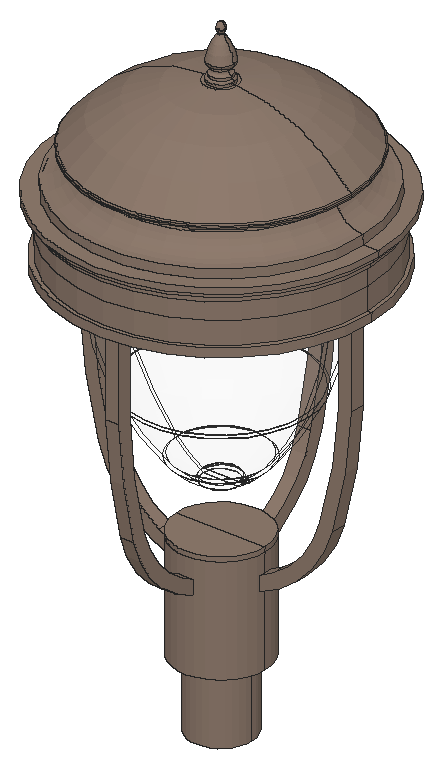
Revit family "LA199-TDL", category Generic Models, Revit 2017
Family settings
  Can host rebar = No
  Round Connector Dimension = Use Diameter
  Part Type = Normal
  Work Plane-Based = No
  Always vertical = Yes
  Cut with Voids When Loaded = No
  Shared = No
  Room Calculation Point = No
Parameters
  TDL = Glass, Frosted
  LUMINARE = Bronze, Architectural
  LA194 = ARCH. BRNZ.
  GLASS = Glass
Reference planes (in)
  plane 1 "Center (Front/Back)": y = 0
  plane 2: z = 0
  plane 3 "Center (Left/Right)": x = 0
Forms (in)
  Revolve 1, solid, material "Bronze, Architectural" <- "LUMINARE"
    sketch origin (0, 0, 0) x (1, 0, 0) y (0, 0, 1)
      loop
        line (-0.71875, 32.97579) -> (0, 32.97579) -> (0, 35.97579)
        arc (0, 35.97579) -> (-0.03988, 35.96797) -> (-0.07384, 35.94566) r 0.10555
        arc (-0.07384, 35.94566) -> (-0.17047, 35.80383) -> (-0.21758, 35.63881) r 0.53875
        arc (-0.21758, 35.63881) -> (-0.22, 35.61056) -> (-0.21695, 35.58237) r 0.14688
        arc (-0.21695, 35.58237) -> (-0.19188, 35.49181) -> (-0.13955, 35.41377) r 0.29443
        arc (-0.13955, 35.41377) -> (-0.12833, 35.38133) -> (-0.13385, 35.34746) r 0.07016
        arc (-0.13385, 35.34746) -> (-0.51685, 34.71219) -> (-0.71772, 33.9981) r 2.7727
        arc (-0.71772, 33.9981) -> (-0.68861, 33.89678) -> (-0.59375, 33.85079) r 0.12932
        line (-0.59375, 33.85079) -> (-0.58786, 33.72579)
        arc (-0.58786, 33.72579) -> (-0.40036, 33.53829) -> (-0.58786, 33.35079) r 0.1875
        line (-0.58786, 33.35079) -> (-0.59375, 33.22579)
        arc (-0.59375, 33.22579) -> (-0.68214, 33.18918) -> (-0.71875, 33.10079) r 0.125
        line (-0.71875, 33.10079) -> (-0.71875, 32.97579)
      axis (0, 35.97579) -> (0, 32.97579)
    angle from 0 to 360
  Revolve 2, solid, material "Bronze, Architectural" <- "LUMINARE"
    sketch origin (0, 0, 0) x (1, 0, 0) y (0, 0, 1)
      loop
        line (-0.15625, 32.97579) -> (-0.90625, 32.97579)
        arc (-0.90625, 32.97579) -> (-4.46264, 32.04561) -> (-7.34084, 29.75888) r 8.90994
        arc (-7.34084, 29.75888) -> (-7.36469, 29.71864) -> (-7.375, 29.67301) r 0.15008
        line (-7.375, 29.67301) -> (-7.375, 29.59233)
        arc (-7.375, 29.59233) -> (-7.34121, 29.50685) -> (-7.25811, 29.46759) r 0.125
        line (-7.25811, 29.46759) -> (-6.18012, 29.45787) -> (-6.18012, 28.91584) -> (-6.56274, 28.91584)
        arc (-6.56274, 28.91584) -> (-7.16154, 28.1895) -> (-8.0625, 27.91676) r 1.62586
        line (-8.0625, 27.91676) -> (-8.07996, 27.41676) -> (-8.9375, 27.41676) -> (-8.9375, 27.10426) -> (-8.6875, 27.10426) -> (-8.6875, 26.79176) -> (-8.5, 26.79176) -> (-8.5, 26.47926) -> (-8.3125, 26.47926) -> (-8.3125, 25.41676) -> (-8.3125, 24.16676) -> (-8.5625, 24.16676) -> (-8.5625, 23.66676) -> (-7.75, 23.66676) -> (-7.75, 23.41676) -> (-6.25, 23.41676) -> (-6.25, 23.91676) -> (-7.94164, 23.91676) -> (-7.94164, 27.79596)
        arc (-7.94164, 27.79596) -> (-7.07698, 28.09575) -> (-6.48169, 28.79084) r 1.75086
        line (-6.48169, 28.79084) -> (-6.05512, 28.79084) -> (-6.05512, 29.59252) -> (-7.25, 29.59252) -> (-7.25, 29.67258)
        arc (-7.25, 29.67258) -> (-4.4119, 31.93123) -> (-0.90324, 32.85079) r 8.78494
        line (-0.90324, 32.85079) -> (-0.15625, 32.85079) -> (-0.15625, 32.97579)
      axis (0, 32.97579) -> (0, 23.41676)
    angle from 0 to 360
  Revolve 3, solid, material "Bronze, Architectural" <- "LUMINARE"
    sketch origin (0, 0, 0) x (1, 0, 0) y (0, 0, 1)
      loop
        line (-2.5, 9.875) -> (-2.5, 3.875) -> (-1.75, 3.875) -> (-1.75, 0) -> (-1.5, 0) -> (-1.5, 4.125) -> (-2.25, 4.125) -> (-2.25, 9.625) -> (-0.375, 9.625) -> (-0.375, 9.875) -> (-2.5, 9.875)
      axis (0, 9.875) -> (0, 0)
    angle from 0 to 360
  Sweep 4, solid, material "Bronze, Architectural" <- "LUMINARE"
    path origin (0, 0, 0) x (1, 0, 0) y (0, 0, 1)
      loop
        line (-7.3397, 23.66676) -> (-7.3397, 18.97595)
        arc (-7.3397, 18.97595) -> (-7.00045, 15.75439) -> (-6.28624, 12.59473) r 27.61202
        arc (-6.28624, 12.59473) -> (-5.20805, 10.46734) -> (-3.42372, 8.8848) r 6.37769
        arc (-3.42372, 8.8848) -> (-2.84604, 8.57189) -> (-2.24467, 8.30739) r 8.00854
    profile origin (-7.3397, 0, 21.32135) x (0, -1, 0) y (1, 0, 0)
      loop
        line (0.375, 0.375) -> (-0.375, 0.375) -> (-0.375, -0.375) -> (0.375, -0.375) -> (0.375, 0.375)
  Revolve 5, solid, material "Bronze, Architectural" <- "LUMINARE"
    sketch origin (0, 0, 0) x (1, 0, 0) y (0, 0, 1)
      loop
        line (0, 10.125) -> (-2.5, 10.125) -> (-2.5, 9.875) -> (0, 9.875) -> (0, 10.125)
      axis (0, 10.125) -> (0, 9.875)
    angle from 0 to 360
  Sweep 6, solid, material "Bronze, Architectural" <- "LUMINARE"
    path origin (0, 0, 0) x (-1, 0, 0) y (0, 0, 1)
      loop
        line (-7.3397, 23.66676) -> (-7.3397, 18.97595)
        arc (-7.3397, 18.97595) -> (-7.00045, 15.75439) -> (-6.28624, 12.59473) r 27.61202
        arc (-6.28624, 12.59473) -> (-5.20805, 10.46734) -> (-3.42372, 8.8848) r 6.37769
        arc (-3.42372, 8.8848) -> (-2.84604, 8.57189) -> (-2.24467, 8.30739) r 8.00854
    profile origin (7.3397, 0, 21.32135) x (0, -1, 0) y (1, 0, 0)
      loop
        line (0.375, -0.375) -> (0.375, 0.375) -> (-0.375, 0.375) -> (-0.375, -0.375) -> (0.375, -0.375)
  Sweep 7, solid, material "Bronze, Architectural" <- "LUMINARE"
    path origin (0, 0, 0) x (0, -1, 0) y (0, 0, 1)
      loop
        line (-7.3397, 23.66676) -> (-7.3397, 18.97595)
        arc (-7.3397, 18.97595) -> (-7.00045, 15.75439) -> (-6.28624, 12.59473) r 27.61202
        arc (-6.28624, 12.59473) -> (-5.20805, 10.46734) -> (-3.42372, 8.8848) r 6.37769
        arc (-3.42372, 8.8848) -> (-2.84604, 8.57189) -> (-2.24467, 8.30739) r 8.00854
    profile origin (0, 7.3397, 21.32135) x (-1, 0, 0) y (0, -1, 0)
      loop
        line (0.375, 0.375) -> (-0.375, 0.375) -> (-0.375, -0.375) -> (0.375, -0.375) -> (0.375, 0.375)
  Sweep 8, solid, material "Bronze, Architectural" <- "LUMINARE"
    path origin (0, 0, 0) x (0, 1, 0) y (0, 0, -1)
      loop
        line (-7.3397, -23.66676) -> (-7.3397, -18.97595)
        arc (-7.3397, -18.97595) -> (-7.00045, -15.75439) -> (-6.28624, -12.59473) r 27.61202
        arc (-6.28624, -12.59473) -> (-5.20805, -10.46734) -> (-3.42372, -8.8848) r 6.37769
        arc (-3.42372, -8.8848) -> (-2.84604, -8.57189) -> (-2.24467, -8.30739) r 8.00854
    profile origin (0, -7.3397, 21.32135) x (-1, 0, 0) y (0, -1, 0)
      loop
        line (0.375, -0.375) -> (0.375, 0.375) -> (-0.375, 0.375) -> (-0.375, -0.375) -> (0.375, -0.375)
  Revolve 9, solid, material "Glass, Frosted" <- "TDL"
    sketch origin (0, 0, 9.82874) x (1, 0, 0) y (0, 0, 1)
      loop
        line (0, 2.81839) -> (0, 3.09759) -> (-1.01347, 3.09759)
        arc (-1.01347, 3.09759) -> (-1.77896, 3.57849) -> (-2.44156, 4.19347) r 4.835
        arc (-2.44156, 4.19347) -> (-3.6895, 5.87739) -> (-4.70919, 7.70855) r 16.1727
        arc (-4.70919, 7.70855) -> (-5.56608, 10.17089) -> (-6.01247, 12.73957) r 16.02999
        line (-6.01247, 12.73957) -> (-6.01169, 14.23722) -> (-6.53415, 14.23743) -> (-6.53423, 14.08801) -> (-6.2051, 14.08801) -> (-6.2051, 12.72793)
        arc (-6.2051, 12.72793) -> (-5.75212, 10.12383) -> (-4.88214, 7.62789) r 16.21749
        arc (-4.88214, 7.62789) -> (-3.84861, 5.77378) -> (-2.5837, 4.0691) r 16.3602
        arc (-2.5837, 4.0691) -> (-1.90646, 3.43878) -> (-1.1251, 2.94339) r 5.0225
        line (-1.1251, 2.94339) -> (-1.0001, 2.81839) -> (0, 2.81839)
      axis (0, 14.23743) -> (0, 2.81839)
    angle from 0 to 360
Dimensions and locks (in)
  aligned and locked: plane 2 to level
